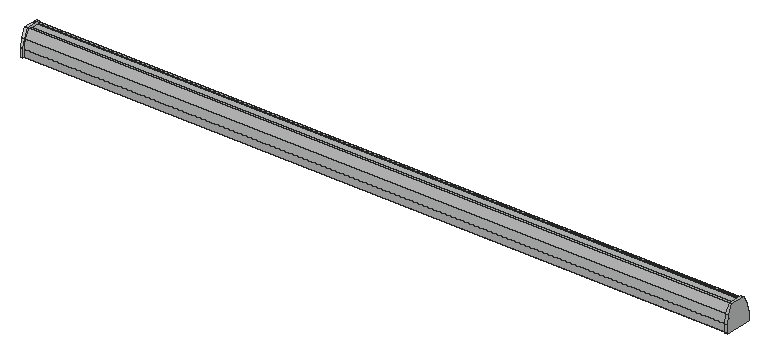
Revit family "LIRA", category Осветительные приборы, Revit 2019 (continued)
Types (6, lengths in mm): name | built-in parameter 1150134 | built-in parameter 1150105 | Lumens | built-in parameter 1150106 | built-in parameter 1150142 | Wattage | built-in parameter 1150107 | Emit from Rectangle Length | Длина | ADSK_Ток | ADSK_Полная мощность | ADSK_Обозначение | ADSK_Номинальная мощность | ADSK_Наименование | ADSK_Масса | ADSK_Код изделия
  LIRA-38/OPAL-2400/IP65  (5000К, серый) | 2 | 342.18 (stored number, unit not read) | 4300 lm | 3.4218 (stored number, unit not read) | "IESNA:LM-63-95\r\n[TEST] Протокол № 50\r\n[DATA] 17.06.2016\r\n[MORE] \r\n[MANUFAC] ЗАО \"Центрстройсвет\"\r\n[LUMCAT]  Светильник OPERLUX-34/PRISMA-(588x588) \r\n[LUMINAIRE]\r\n[LAMPCAT] Светодиоды\r\n[LAMP] Поток источника света (светодиодов) не известен\r\n[MORE] КСС приведена в абсолютных величинах кд\r\n[MORE] Вместо потока лампы, указан поток светильника.\r\nTILT=NONE\r\n1    3050 1.0 37 73 1 2 0.588 0.588 0.08\r\n1.0 1.0 34\r\n0.0 5.0 10.0 15.0 20.0 25.0 30.0 35.0 40.0 45.0 50.0 55.0 60.0 65.0 70.0 75.0 80.0 85.0 90.0 95.0 100.0 105.0 110.0 115.0 120.0 125.0 130.0 135.0 140.0 145.0 150.0 155.0 160.0 165.0 170.0 175.0 180.0\r\n0.0 5.0 10.0 15.0 20.0 25.0 30.0 35.0 40.0 45.0 50.0 55.0 60.0 65.0 70.0 75.0 80.0 85.0 90.0 95.0 100.0 105.0 110.0 115.0 120.0 125.0 130.0 135.0 140.0 145.0 150.0 155.0 160.0 165.0 170.0 175.0 180.0 185.0 190.0 195.0 200.0 205.0 210.0 215.0 220.0 225.0 230.0 235.0 240.0 245.0 250.0 255.0 260.0 265.0 270.0 275.0 280.0 285.0 290.0 295.0 300.0 305.0 310.0 315.0 320.0 325.0 330.0 335.0 340.0 345.0 350.0 355.0 360.0\r\n1367.8 1364.1 1339.9 1310.7 1251.0 1171.4 1077.9 956.5 826.9 709.2 591.4 468.7 352.2 267.2 190.7 130.0 88.6 43.5 5.5 0.0 0.0 0.0 0.0 0.0 0.0 0.0 0.0 0.0 0.0 0.0 0.0 0.0 0.0 0.0 0.0 0.0 0.0\r\n1367.8 1365.7 1344.6 1309.2 1251.5 1175.2 1073.4 954.2 830.4 711.2 594.6 469.5 356.0 268.7 191.9 132.6 89.9 43.9 6.3 0.0 0.0 0.0 0.0 0.0 0.0 0.0 0.0 0.0 0.0 0.0 0.0 0.0 0.0 0.0 0.0 0.0 0.0\r\n1367.8 1367.4 1347.2 1302.8 1251.5 1178.6 1078.4 958.6 835.1 714.0 597.2 474.3 359.6 268.7 192.7 135.6 92.1 44.3 6.9 0.0 0.0 0.0 0.0 0.0 0.0 0.0 0.0 0.0 0.0 0.0 0.0 0.0 0.0 0.0 0.0 0.0 0.0\r\n1367.8 1368.2 1346.2 1303.1 1250.1 1177.1 1081.4 960.9 838.1 716.2 597.6 475.0 358.6 266.4 190.9 134.8 91.7 44.9 7.0 0.0 0.0 0.0 0.0 0.0 0.0 0.0 0.0 0.0 0.0 0.0 0.0 0.0 0.0 0.0 0.0 0.0 0.0\r\n1367.8 1367.7 1343.5 1306.2 1256.1 1180.0 1081.0 961.6 838.1 714.0 595.7 473.1 356.8 262.2 188.3 132.8 89.3 43.7 6.6 0.0 0.0 0.0 0.0 0.0 0.0 0.0 0.0 0.0 0.0 0.0 0.0 0.0 0.0 0.0 0.0 0.0 0.0\r\n1367.8 1366.2 1344.8 1309.0 1256.2 1184.6 1080.4 962.6 836.8 714.8 593.8 469.6 354.4 260.1 184.9 130.4 88.4 44.2 6.5 0.0 0.0 0.0 0.0 0.0 0.0 0.0 0.0 0.0 0.0 0.0 0.0 0.0 0.0 0.0 0.0 0.0 0.0\r\n1367.8 1364.3 1347.6 1312.1 1259.9 1177.4 1078.5 968.2 849.1 721.6 596.0 467.2 355.0 257.4 183.3 127.1 87.5 45.4 6.5 0.0 0.0 0.0 0.0 0.0 0.0 0.0 0.0 0.0 0.0 0.0 0.0 0.0 0.0 0.0 0.0 0.0 0.0\r\n1367.8 1363.3 1348.8 1312.0 1262.8 1181.2 1077.4 968.8 853.2 730.0 597.2 466.8 353.5 256.9 181.1 124.8 87.2 45.9 6.9 0.0 0.0 0.0 0.0 0.0 0.0 0.0 0.0 0.0 0.0 0.0 0.0 0.0 0.0 0.0 0.0 0.0 0.0\r\n1367.8 1364.0 1350.3 1308.2 1255.9 1182.2 1079.9 969.0 856.0 734.3 601.1 468.4 352.6 254.4 178.0 121.7 85.5 45.0 6.9 0.0 0.0 0.0 0.0 0.0 0.0 0.0 0.0 0.0 0.0 0.0 0.0 0.0 0.0 0.0 0.0 0.0 0.0\r\n1367.8 1364.9 1349.2 1313.0 1259.2 1178.2 1076.4 970.7 860.9 740.8 606.9 469.1 350.2 254.0 175.6 117.8 83.6 43.4 6.7 0.0 0.0 0.0 0.0 0.0 0.0 0.0 0.0 0.0 0.0 0.0 0.0 0.0 0.0 0.0 0.0 0.0 0.0\r\n1367.8 1365.0 1348.6 1315.3 1261.5 1184.1 1082.6 973.9 862.8 745.2 607.9 469.0 350.5 253.1 173.2 116.2 81.4 42.4 6.5 0.0 0.0 0.0 0.0 0.0 0.0 0.0 0.0 0.0 0.0 0.0 0.0 0.0 0.0 0.0 0.0 0.0 0.0\r\n1367.8 1364.4 1347.9 1315.3 1258.7 1186.3 1085.9 970.5 862.2 747.0 613.0 468.8 350.2 252.8 173.4 116.6 79.8 40.9 6.7 0.0 0.0 0.0 0.0 0.0 0.0 0.0 0.0 0.0 0.0 0.0 0.0 0.0 0.0 0.0 0.0 0.0 0.0\r\n1367.8 1363.4 1347.0 1308.3 1258.6 1184.3 1089.8 973.9 867.7 742.3 606.2 467.0 350.0 252.6 175.4 119.1 79.8 42.1 7.1 0.0 0.0 0.0 0.0 0.0 0.0 0.0 0.0 0.0 0.0 0.0 0.0 0.0 0.0 0.0 0.0 0.0 0.0\r\n1367.8 1362.6 1348.4 1308.2 1261.4 1190.2 1088.3 978.6 869.6 744.0 601.1 462.4 350.2 253.6 175.9 123.0 83.5 45.3 7.8 0.0 0.0 0.0 0.0 0.0 0.0 0.0 0.0 0.0 0.0 0.0 0.0 0.0 0.0 0.0 0.0 0.0 0.0\r\n1367.8 1362.3 1347.3 1311.1 1262.3 1191.1 1093.6 982.5 872.1 746.6 597.2 461.1 348.8 251.4 176.3 127.6 89.2 48.5 7.9 0.0 0.0 0.0 0.0 0.0 0.0 0.0 0.0 0.0 0.0 0.0 0.0 0.0 0.0 0.0 0.0 0.0 0.0\r\n1367.8 1362.5 1345.8 1316.1 1260.6 1190.3 1096.8 982.6 873.3 743.8 593.1 456.4 347.2 250.6 175.7 130.9 94.2 51.8 9.3 0.0 0.0 0.0 0.0 0.0 0.0 0.0 0.0 0.0 0.0 0.0 0.0 0.0 0.0 0.0 0.0 0.0 0.0\r\n1367.8 1363.2 1345.2 1315.5 1267.1 1195.5 1096.1 995.9 871.3 740.3 589.0 455.0 342.8 246.9 174.2 131.9 97.1 52.4 10.1 0.0 0.0 0.0 0.0 0.0 0.0 0.0 0.0 0.0 0.0 0.0 0.0 0.0 0.0 0.0 0.0 0.0 0.0\r\n1367.8 1364.5 1346.0 1317.2 1264.0 1194.7 1102.6 991.8 873.9 736.2 584.7 454.3 338.6 243.0 171.3 130.1 99.3 53.7 9.5 0.0 0.0 0.0 0.0 0.0 0.0 0.0 0.0 0.0 0.0 0.0 0.0 0.0 0.0 0.0 0.0 0.0 0.0\r\n1367.8 1365.9 1346.4 1317.1 1264.0 1198.2 1105.3 994.6 872.6 727.7 582.0 451.8 335.8 239.9 168.3 127.6 100.0 55.8 7.5 0.0 0.0 0.0 0.0 0.0 0.0 0.0 0.0 0.0 0.0 0.0 0.0 0.0 0.0 0.0 0.0 0.0 0.0\r\n1367.8 1366.3 1344.9 1317.5 1265.6 1200.4 1108.2 997.2 868.8 722.7 575.8 446.5 333.1 238.4 167.7 126.3 98.1 56.1 8.8 0.0 0.0 0.0 0.0 0.0 0.0 0.0 0.0 0.0 0.0 0.0 0.0 0.0 0.0 0.0 0.0 0.0 0.0\r\n1367.8 1365.9 1344.0 1313.0 1263.2 1200.6 1104.3 997.0 862.7 720.9 568.5 441.0 331.7 237.8 167.7 126.3 96.7 53.7 9.4 0.0 0.0 0.0 0.0 0.0 0.0 0.0 0.0 0.0 0.0 0.0 0.0 0.0 0.0 0.0 0.0 0.0 0.0\r\n1367.8 1365.3 1346.1 1312.6 1263.0 1198.3 1108.1 995.3 861.6 712.7 563.4 437.4 331.4 236.8 165.9 124.7 95.3 55.2 9.1 0.0 0.0 0.0 0.0 0.0 0.0 0.0 0.0 0.0 0.0 0.0 0.0 0.0 0.0 0.0 0.0 0.0 0.0\r\n1367.8 1364.9 1349.2 1313.0 1262.9 1199.0 1108.3 993.8 855.7 710.3 563.1 435.2 329.9 233.9 163.4 121.6 92.0 55.1 8.8 0.0 0.0 0.0 0.0 0.0 0.0 0.0 0.0 0.0 0.0 0.0 0.0 0.0 0.0 0.0 0.0 0.0 0.0\r\n1367.8 1364.1 1352.0 1313.2 1259.2 1197.0 1104.6 988.6 849.9 704.2 562.4 433.5 327.9 230.5 158.4 116.9 87.6 51.4 7.8 0.0 0.0 0.0 0.0 0.0 0.0 0.0 0.0 0.0 0.0 0.0 0.0 0.0 0.0 0.0 0.0 0.0 0.0\r\n1367.8 1363.0 1349.6 1313.3 1257.8 1193.2 1098.7 980.1 848.0 708.1 565.6 433.4 325.1 228.0 154.2 111.3 83.7 49.7 7.5 0.0 0.0 0.0 0.0 0.0 0.0 0.0 0.0 0.0 0.0 0.0 0.0 0.0 0.0 0.0 0.0 0.0 0.0\r\n1367.8 1361.9 1346.7 1314.1 1256.8 1193.2 1093.6 977.6 847.2 708.6 569.1 434.8 324.5 225.9 151.7 107.5 81.6 48.9 7.3 0.0 0.0 0.0 0.0 0.0 0.0 0.0 0.0 0.0 0.0 0.0 0.0 0.0 0.0 0.0 0.0 0.0 0.0\r\n1367.8 1361.2 1345.0 1309.5 1261.1 1193.3 1089.9 973.2 851.1 709.3 572.7 435.0 323.4 225.4 152.1 105.8 80.4 49.9 7.3 0.0 0.0 0.0 0.0 0.0 0.0 0.0 0.0 0.0 0.0 0.0 0.0 0.0 0.0 0.0 0.0 0.0 0.0\r\n1367.8 1360.5 1345.3 1307.2 1258.6 1186.4 1085.9 974.0 847.9 714.1 575.5 436.8 321.2 223.3 152.0 105.2 79.8 49.6 8.0 0.0 0.0 0.0 0.0 0.0 0.0 0.0 0.0 0.0 0.0 0.0 0.0 0.0 0.0 0.0 0.0 0.0 0.0\r\n1367.8 1360.0 1344.3 1308.1 1257.8 1178.2 1085.3 975.1 848.7 715.2 575.4 439.1 318.7 223.0 150.8 104.3 79.3 49.5 8.2 0.0 0.0 0.0 0.0 0.0 0.0 0.0 0.0 0.0 0.0 0.0 0.0 0.0 0.0 0.0 0.0 0.0 0.0\r\n1367.8 1360.5 1346.2 1311.6 1256.3 1174.7 1082.9 978.6 851.4 710.5 574.9 440.6 317.9 221.6 152.3 106.4 79.3 48.7 8.4 0.0 0.0 0.0 0.0 0.0 0.0 0.0 0.0 0.0 0.0 0.0 0.0 0.0 0.0 0.0 0.0 0.0 0.0\r\n1367.8 1361.9 1350.3 1309.3 1252.2 1172.6 1080.3 970.8 851.2 713.3 570.6 439.7 319.0 222.4 154.5 110.7 81.7 47.4 8.1 0.0 0.0 0.0 0.0 0.0 0.0 0.0 0.0 0.0 0.0 0.0 0.0 0.0 0.0 0.0 0.0 0.0 0.0\r\n1367.8 1363.7 1348.0 1307.6 1253.5 1171.4 1087.1 971.6 851.9 710.7 569.9 438.2 323.8 226.5 159.3 115.4 83.3 45.0 7.6 0.0 0.0 0.0 0.0 0.0 0.0 0.0 0.0 0.0 0.0 0.0 0.0 0.0 0.0 0.0 0.0 0.0 0.0\r\n1367.8 1365.3 1346.4 1312.3 1251.8 1172.7 1086.5 974.6 847.7 705.0 567.7 442.4 326.6 234.0 164.3 120.1 85.8 43.9 7.4 0.0 0.0 0.0 0.0 0.0 0.0 0.0 0.0 0.0 0.0 0.0 0.0 0.0 0.0 0.0 0.0 0.0 0.0\r\n1367.8 1366.2 1347.0 1309.1 1250.4 1170.7 1085.2 978.5 846.6 705.8 567.4 441.3 331.1 236.3 167.7 122.8 88.4 45.0 8.1 0.0 0.0 0.0 0.0 0.0 0.0 0.0 0.0 0.0 0.0 0.0 0.0 0.0 0.0 0.0 0.0 0.0 0.0\r\n1367.8 1366.0 1347.9 1306.2 1240.5 1166.7 1082.2 977.2 844.2 702.8 566.8 442.7 335.1 241.3 169.7 123.7 90.0 45.9 9.2 0.0 0.0 0.0 0.0 0.0 0.0 0.0 0.0 0.0 0.0 0.0 0.0 0.0 0.0 0.0 0.0 0.0 0.0\r\n1367.8 1364.3 1346.5 1311.7 1250.6 1170.3 1080.9 980.5 844.4 703.8 569.8 446.4 334.2 240.3 169.5 121.7 87.9 46.9 9.3 0.0 0.0 0.0 0.0 0.0 0.0 0.0 0.0 0.0 0.0 0.0 0.0 0.0 0.0 0.0 0.0 0.0 0.0\r\n1367.8 1361.6 1341.0 1307.3 1249.6 1169.2 1088.8 980.5 845.1 706.2 571.7 444.8 333.0 238.4 168.9 120.7 87.1 47.8 7.8 0.0 0.0 0.0 0.0 0.0 0.0 0.0 0.0 0.0 0.0 0.0 0.0 0.0 0.0 0.0 0.0 0.0 0.0\r\n1367.8 1359.4 1337.2 1303.3 1252.4 1170.4 1080.4 978.1 841.4 701.4 566.4 444.4 333.5 241.2 169.4 122.2 88.2 47.2 9.5 0.0 0.0 0.0 0.0 0.0 0.0 0.0 0.0 0.0 0.0 0.0 0.0 0.0 0.0 0.0 0.0 0.0 0.0\r\n1367.8 1359.3 1342.6 1310.3 1242.7 1173.0 1078.8 976.3 844.8 702.0 565.3 440.7 332.8 240.9 169.9 123.5 89.5 46.1 9.1 0.0 0.0 0.0 0.0 0.0 0.0 0.0 0.0 0.0 0.0 0.0 0.0 0.0 0.0 0.0 0.0 0.0 0.0\r\n1367.8 1361.3 1345.4 1306.4 1248.2 1167.7 1080.4 980.5 846.8 703.5 567.2 443.4 333.2 240.2 168.7 123.1 88.4 46.2 8.4 0.0 0.0 0.0 0.0 0.0 0.0 0.0 0.0 0.0 0.0 0.0 0.0 0.0 0.0 0.0 0.0 0.0 0.0\r\n1367.8 1364.4 1343.1 1308.2 1251.3 1170.9 1084.2 980.8 848.5 707.7 571.1 445.6 332.7 238.1 167.5 120.7 85.6 44.6 7.7 0.0 0.0 0.0 0.0 0.0 0.0 0.0 0.0 0.0 0.0 0.0 0.0 0.0 0.0 0.0 0.0 0.0 0.0\r\n1367.8 1366.7 1342.9 1310.2 1254.3 1176.8 1087.8 981.7 853.4 711.9 574.2 446.0 329.4 232.8 162.6 116.6 83.7 45.3 8.1 0.0 0.0 0.0 0.0 0.0 0.0 0.0 0.0 0.0 0.0 0.0 0.0 0.0 0.0 0.0 0.0 0.0 0.0\r\n1367.8 1367.7 1346.5 1310.6 1258.1 1183.1 1085.5 978.6 854.1 714.2 577.9 448.7 327.1 229.4 158.3 112.1 82.0 47.9 9.0 0.0 0.0 0.0 0.0 0.0 0.0 0.0 0.0 0.0 0.0 0.0 0.0 0.0 0.0 0.0 0.0 0.0 0.0\r\n1367.8 1367.3 1348.0 1310.6 1262.6 1180.1 1086.5 982.6 856.7 719.8 579.9 448.7 324.7 226.8 155.7 107.8 80.3 50.1 9.5 0.0 0.0 0.0 0.0 0.0 0.0 0.0 0.0 0.0 0.0 0.0 0.0 0.0 0.0 0.0 0.0 0.0 0.0\r\n1367.8 1365.6 1348.6 1309.9 1259.0 1186.0 1089.0 979.4 855.0 722.2 584.2 450.5 325.6 227.6 155.8 107.2 80.5 51.4 9.6 0.0 0.0 0.0 0.0 0.0 0.0 0.0 0.0 0.0 0.0 0.0 0.0 0.0 0.0 0.0 0.0 0.0 0.0\r\n1367.8 1363.3 1347.7 1306.8 1261.1 1190.7 1095.5 982.3 860.8 723.2 585.7 446.3 327.8 230.3 158.2 109.3 81.7 51.4 9.3 0.0 0.0 0.0 0.0 0.0 0.0 0.0 0.0 0.0 0.0 0.0 0.0 0.0 0.0 0.0 0.0 0.0 0.0\r\n1367.8 1361.0 1344.4 1306.7 1264.4 1191.7 1095.0 984.8 858.7 723.1 583.6 444.8 328.4 232.3 158.6 109.9 81.8 51.7 9.0 0.0 0.0 0.0 0.0 0.0 0.0 0.0 0.0 0.0 0.0 0.0 0.0 0.0 0.0 0.0 0.0 0.0 0.0\r\n1367.8 1359.1 1344.3 1308.4 1263.8 1198.1 1102.2 989.8 861.5 721.8 582.8 444.8 331.3 233.7 158.6 111.1 83.0 50.9 8.9 0.0 0.0 0.0 0.0 0.0 0.0 0.0 0.0 0.0 0.0 0.0 0.0 0.0 0.0 0.0 0.0 0.0 0.0\r\n1367.8 1357.8 1346.5 1313.8 1263.6 1192.7 1107.0 996.3 859.5 718.8 579.1 442.9 332.1 234.9 160.7 114.1 84.6 51.0 9.2 0.0 0.0 0.0 0.0 0.0 0.0 0.0 0.0 0.0 0.0 0.0 0.0 0.0 0.0 0.0 0.0 0.0 0.0\r\n1367.8 1357.7 1347.3 1313.2 1264.3 1198.9 1108.1 998.6 864.9 718.7 573.2 441.1 332.1 237.8 164.0 118.2 87.5 52.0 9.8 0.0 0.0 0.0 0.0 0.0 0.0 0.0 0.0 0.0 0.0 0.0 0.0 0.0 0.0 0.0 0.0 0.0 0.0\r\n1367.8 1358.5 1346.9 1313.1 1266.5 1195.6 1112.2 1002.8 870.4 722.5 574.7 443.8 335.7 239.1 166.4 121.6 91.2 55.8 10.9 0.0 0.0 0.0 0.0 0.0 0.0 0.0 0.0 0.0 0.0 0.0 0.0 0.0 0.0 0.0 0.0 0.0 0.0\r\n1367.8 1359.8 1344.7 1312.9 1269.5 1203.1 1107.5 1002.6 874.5 724.4 574.3 444.8 335.5 240.3 169.6 124.4 94.2 56.9 11.6 0.0 0.0 0.0 0.0 0.0 0.0 0.0 0.0 0.0 0.0 0.0 0.0 0.0 0.0 0.0 0.0 0.0 0.0\r\n1367.8 1361.7 1344.5 1316.7 1266.1 1199.3 1111.1 1004.7 879.7 733.6 577.6 446.7 337.8 241.2 168.7 126.0 96.3 56.5 11.7 0.0 0.0 0.0 0.0 0.0 0.0 0.0 0.0 0.0 0.0 0.0 0.0 0.0 0.0 0.0 0.0 0.0 0.0\r\n1367.8 1363.9 1346.7 1316.2 1265.7 1198.1 1117.1 1006.7 882.1 737.2 586.5 450.4 338.9 242.3 167.8 125.5 98.6 58.1 10.5 0.0 0.0 0.0 0.0 0.0 0.0 0.0 0.0 0.0 0.0 0.0 0.0 0.0 0.0 0.0 0.0 0.0 0.0\r\n1367.8 1365.2 1345.4 1319.5 1265.7 1198.8 1109.1 1003.5 876.9 742.6 589.1 456.4 341.1 242.1 167.5 126.8 100.2 57.9 8.8 0.0 0.0 0.0 0.0 0.0 0.0 0.0 0.0 0.0 0.0 0.0 0.0 0.0 0.0 0.0 0.0 0.0 0.0\r\n1367.8 1365.0 1345.2 1312.9 1265.8 1199.0 1109.7 999.6 877.6 742.6 595.8 457.7 342.1 245.3 170.4 128.5 99.0 56.9 11.0 0.0 0.0 0.0 0.0 0.0 0.0 0.0 0.0 0.0 0.0 0.0 0.0 0.0 0.0 0.0 0.0 0.0 0.0\r\n1367.8 1364.1 1347.9 1311.6 1271.1 1195.3 1102.7 998.9 881.1 745.5 597.2 460.9 345.1 248.6 174.0 129.7 96.5 55.6 11.2 0.0 0.0 0.0 0.0 0.0 0.0 0.0 0.0 0.0 0.0 0.0 0.0 0.0 0.0 0.0 0.0 0.0 0.0\r\n1367.8 1363.0 1347.3 1314.0 1269.6 1192.3 1104.9 991.5 878.3 748.8 603.5 463.3 348.1 251.3 177.2 130.4 94.2 55.0 10.3 0.0 0.0 0.0 0.0 0.0 0.0 0.0 0.0 0.0 0.0 0.0 0.0 0.0 0.0 0.0 0.0 0.0 0.0\r\n1367.8 1362.4 1346.2 1314.7 1264.3 1194.7 1094.8 992.0 878.4 749.1 608.2 465.6 349.4 252.9 177.2 127.6 90.1 51.7 8.7 0.0 0.0 0.0 0.0 0.0 0.0 0.0 0.0 0.0 0.0 0.0 0.0 0.0 0.0 0.0 0.0 0.0 0.0\r\n1367.8 1362.7 1348.0 1314.5 1265.5 1196.6 1094.9 983.4 872.0 752.6 609.3 469.0 352.6 254.1 177.1 125.0 85.8 47.2 8.1 0.0 0.0 0.0 0.0 0.0 0.0 0.0 0.0 0.0 0.0 0.0 0.0 0.0 0.0 0.0 0.0 0.0 0.0\r\n1367.8 1362.9 1347.6 1317.1 1264.6 1191.1 1090.4 981.6 868.8 748.7 612.1 472.2 352.0 253.6 176.2 121.4 83.1 43.4 6.9 0.0 0.0 0.0 0.0 0.0 0.0 0.0 0.0 0.0 0.0 0.0 0.0 0.0 0.0 0.0 0.0 0.0 0.0\r\n1367.8 1362.5 1343.6 1318.7 1268.8 1192.3 1085.5 974.5 866.1 750.5 612.3 472.0 350.7 253.1 174.7 119.5 83.2 43.3 6.3 0.0 0.0 0.0 0.0 0.0 0.0 0.0 0.0 0.0 0.0 0.0 0.0 0.0 0.0 0.0 0.0 0.0 0.0\r\n1367.8 1362.1 1341.3 1317.3 1267.8 1185.0 1082.2 972.1 864.2 747.6 611.4 473.0 350.1 254.2 174.7 118.9 84.4 45.4 6.1 0.0 0.0 0.0 0.0 0.0 0.0 0.0 0.0 0.0 0.0 0.0 0.0 0.0 0.0 0.0 0.0 0.0 0.0\r\n1367.8 1362.2 1343.6 1308.9 1260.0 1189.4 1084.9 971.7 859.6 740.4 606.9 470.8 351.4 253.9 176.6 120.3 86.5 45.9 6.5 0.0 0.0 0.0 0.0 0.0 0.0 0.0 0.0 0.0 0.0 0.0 0.0 0.0 0.0 0.0 0.0 0.0 0.0\r\n1367.8 1363.0 1342.9 1314.5 1263.9 1184.9 1081.6 971.9 853.4 735.2 605.3 467.7 352.3 254.8 180.1 122.7 87.8 46.6 6.8 0.0 0.0 0.0 0.0 0.0 0.0 0.0 0.0 0.0 0.0 0.0 0.0 0.0 0.0 0.0 0.0 0.0 0.0\r\n1367.8 1364.3 1340.2 1313.1 1261.0 1182.5 1084.4 971.4 852.3 730.7 600.0 466.2 354.3 255.8 181.2 124.6 88.4 46.8 6.6 0.0 0.0 0.0 0.0 0.0 0.0 0.0 0.0 0.0 0.0 0.0 0.0 0.0 0.0 0.0 0.0 0.0 0.0\r\n1367.8 1365.9 1343.5 1308.2 1258.3 1181.3 1083.1 966.4 845.6 721.0 594.9 467.0 352.2 259.1 183.4 126.7 88.1 45.4 6.1 0.0 0.0 0.0 0.0 0.0 0.0 0.0 0.0 0.0 0.0 0.0 0.0 0.0 0.0 0.0 0.0 0.0 0.0\r\n1367.8 1366.3 1345.1 1308.7 1254.7 1177.8 1080.9 969.9 838.6 714.9 593.4 465.7 351.7 258.6 185.5 129.6 88.1 44.0 5.9 0.0 0.0 0.0 0.0 0.0 0.0 0.0 0.0 0.0 0.0 0.0 0.0 0.0 0.0 0.0 0.0 0.0 0.0\r\n1367.8 1364.5 1343.2 1306.3 1248.4 1177.3 1082.4 962.7 833.3 713.0 595.0 468.9 352.8 260.9 187.3 132.3 88.7 43.5 6.0 0.0 0.0 0.0 0.0 0.0 0.0 0.0 0.0 0.0 0.0 0.0 0.0 0.0 0.0 0.0 0.0 0.0 0.0\r\n1367.8 1362.4 1346.0 1305.7 1255.8 1170.9 1078.4 956.8 832.7 709.6 592.6 470.6 355.6 263.8 189.2 133.7 90.3 44.0 6.3 0.0 0.0 0.0 0.0 0.0 0.0 0.0 0.0 0.0 0.0 0.0 0.0 0.0 0.0 0.0 0.0 0.0 0.0\r\n1367.8 1362.0 1346.8 1311.0 1252.6 1177.3 1074.5 958.3 825.6 709.7 591.0 467.7 356.3 264.6 188.4 133.0 90.3 43.3 6.2 0.0 0.0 0.0 0.0 0.0 0.0 0.0 0.0 0.0 0.0 0.0 0.0 0.0 0.0 0.0 0.0 0.0 0.0\r\n1367.8 1363.0 1341.5 1311.3 1242.3 1175.5 1082.4 953.9 818.8 707.4 591.0 466.6 352.5 265.4 188.6 130.9 89.0 43.1 6.3 0.0 0.0 0.0 0.0 0.0 0.0 0.0 0.0 0.0 0.0 0.0 0.0 0.0 0.0 0.0 0.0 0.0 0.0\r\n1367.8 1364.1 1339.9 1310.7 1251.0 1171.4 1077.9 956.5 826.9 709.2 591.4 468.7 352.2 267.2 190.7 130.0 88.6 43.5 5.5 0.0 0.0 0.0 0.0 0.0 0.0 0.0 0.0 0.0 0.0 0.0 0.0 0.0 0.0 0.0 0.0 0.0 0.0\r\n" | 28.948 W | 5000 (stored number, unit not read) | 2400 | 2420 | 0.179584 A | 41.3043 VA | "LIRA-38/OPAL-2400/IP65  (5000К, серый)" | 38 W | "Светодиодный пылевлагозащищенный светильник LIRA-38/OPAL-2400/IP65  (5000К, серый)" | 5.5 | "ЦБ000009477"
